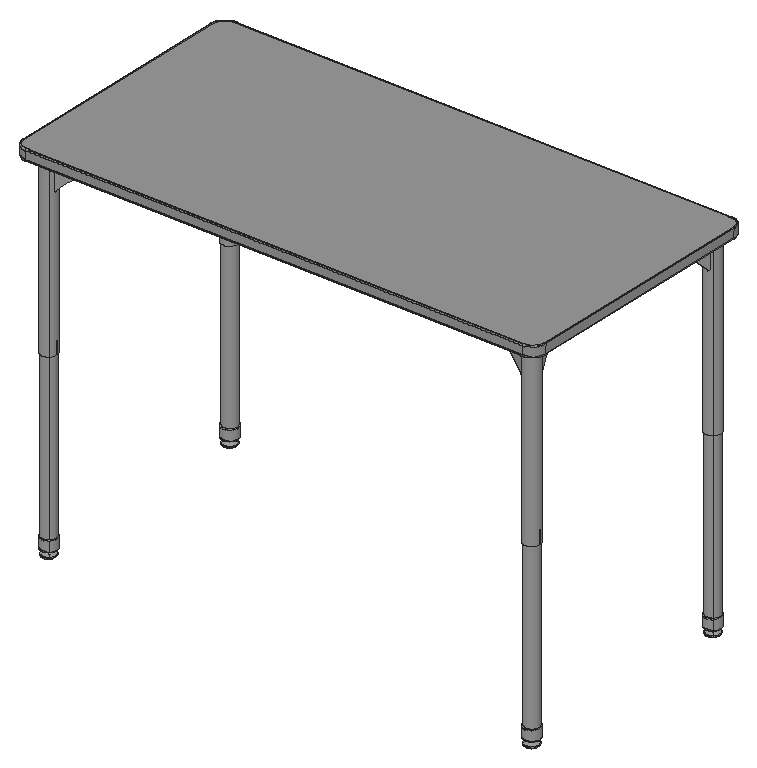
Revit family "Hierarchy Activity 60x30 Rectangle Table - Standing Height", category Furniture, Revit 2018
Family settings
  Work Plane-Based = No
  Always vertical = Yes
  Cut with Voids When Loaded = No
  Shared = No
  Room Calculation Point = No
Parameters
  Table Height = 3' - 5"
  Surface = Hierarchy Activity 60x30 Rectangle Table Standing Surface
  Leg Finish = Hierarchy Leg Platinum
  Edgeband = Hierarchy Activity 60x30 Rectangle Table Standing Edgeband
  Caster/Glider = Hierarchy Standing Leg - Glide : Hierarchy Standing Leg - Glide
Reference planes (in)
  plane 1 "Center (Front/Back)": y = 0
  plane 2: z = 0
  plane 3 "Center (Left/Right)": x = 0
  plane 4: z = 41
Dimensions and locks (in)
  "Table Height": plane 4 to level
  aligned and locked: plane 2 to level
  aligned and locked: nested 1 to plane 4
Nested families (in)
  nested 1: "Activity 60x30 Tabletop" at (0, 0, 17.075), type "Activity 60x30 Tabletop"
  nested 2: "Hierarchy Standing Leg - Glide" at (-27.5, 13, 0) x (0.7071, 0.7071, 0) z (0, 0, 1), type <- "Caster/Glider", Leg Finish <- "Leg Finish", Leg Height <- "Table Height", type "Hierarchy Standing Leg - Glide"
  nested 3: "Hierarchy Standing Leg - Glide" at (-27.5, -13, 0) x (-0.7071, 0.7071, 0) z (0, 0, 1), type <- "Caster/Glider", Leg Finish <- "Leg Finish", Leg Height <- "Table Height", type "Hierarchy Standing Leg - Glide"
  nested 4: "Hierarchy Standing Leg - Glide" at (27.95, -13, 0) x (-0.7071, -0.7071, 0) z (0, 0, 1), Leg Finish <- "Leg Finish", Leg Height <- "Table Height", type "Hierarchy Standing Leg - Glide"
  nested 5: "Hierarchy Standing Leg - Glide" at (27.95, 13, 0) x (0.7071, -0.7071, 0) z (0, 0, 1), Leg Finish <- "Leg Finish", Leg Height <- "Table Height", type "Hierarchy Standing Leg - Glide"
Definition of nested family "Activity 60x30 Tabletop"
  Parameters (values of type "Activity 60x30 Tabletop")
    Surface = none
    Edgeband = none
  Reference planes (in)
    plane 1 "Center (Front/Back)": y = 0
    plane 2: z = 0
    plane 3 "Center (Left/Right)": x = 0
  Forms (in)
    Extrusion 1, solid, material <- "Surface"
      sketch origin (0, -3, 0) x (1, 0, 0) y (0, 1, 0)
        loop
          line (28.5, 17.88189) -> (-28.5, 17.88189)
          arc (-28.5, 17.88189) -> (-29.47714, 17.47714) -> (-29.88189, 16.5) r 1.38189
          line (-29.88189, 16.5) -> (-29.88189, -10.5)
          arc (-29.88189, -10.5) -> (-29.47714, -11.47714) -> (-28.5, -11.88189) r 1.38189
          line (-28.5, -11.88189) -> (28.5, -11.88189)
          arc (28.5, -11.88189) -> (29.47714, -11.47714) -> (29.88189, -10.5) r 1.38189
          line (29.88189, -10.5) -> (29.88189, 16.5)
          arc (29.88189, 16.5) -> (29.47714, 17.47714) -> (28.5, 17.88189) r 1.38189
      from 23.925 to 25.125
    Sweep 2, solid, material <- "Edgeband"
      path origin (0, -3, 0) x (1, 0, 0) y (0, 1, 0)
        loop
          line (28.5, 17.88189) -> (-28.5, 17.88189)
          arc (-28.5, 17.88189) -> (-29.47714, 17.47714) -> (-29.88189, 16.5) r 1.38189
          line (-29.88189, 16.5) -> (-29.88189, -10.5)
          arc (-29.88189, -10.5) -> (-29.47714, -11.47714) -> (-28.5, -11.88189) r 1.38189
          line (-28.5, -11.88189) -> (28.5, -11.88189)
          arc (28.5, -11.88189) -> (29.47714, -11.47714) -> (29.88189, -10.5) r 1.38189
          line (29.88189, -10.5) -> (29.88189, 16.5)
          arc (29.88189, 16.5) -> (29.47714, 17.47714) -> (28.5, 17.88189) r 1.38189
      profile origin (0, 14.88189, 0) x (0, -1, 0) y (0, 0, 1)
        loop
          arc (0, 25.125) -> (-0.08352, 25.09041) -> (-0.11811, 25.00689) r 0.11811
          line (-0.11811, 25.00689) -> (-0.11811, 24.04311)
          arc (-0.11811, 24.04311) -> (-0.08352, 23.95959) -> (0, 23.925) r 0.11811
          line (0, 23.925) -> (0, 25.125)
  Dimensions and locks (in)
    aligned and locked: plane 2 to level
Definition of nested family "Hierarchy Standing Leg - Glide"
  Parameters (values of type "Hierarchy Standing Leg - Glide")
    Leg Finish [instance] = none
    Leg Height [instance] = 3' - 5"
  Reference planes (in)
    plane 1 "Center (Front/Back)": y = 0
    plane 2: z = 0
    plane 3 "Center (Left/Right)": x = 0
  Forms (in)
    Extrusion 1, solid
      sketch origin (-0.01562, 0, 0) x (1, 0, 0) y (0, 1, 0)
        loop
          circle (0.01563, 0) r 0.79147
      from 2 to 23.175
    Revolve 2, solid
      sketch origin (0, 0, 0) x (1, 0, 0) y (0, 0, 1)
        loop
          line (0, 2) -> (0, 0.74937) -> (0.84838, 0.74937)
          arc (0.84838, 0.74937) -> (0.89342, 0.76803) -> (0.91207, 0.81306) r 0.06369
          line (0.91207, 0.81306) -> (0.91207, 1.93631)
          arc (0.91207, 1.93631) -> (0.89342, 1.98134) -> (0.84838, 2) r 0.06369
          line (0.84838, 2) -> (0, 2)
        axis (0, 2) -> (0, 0.74937)
      angle from 0 to 360
    Revolve 3, solid
      sketch origin (0, 0, 0) x (1, 0, 0) y (0, 0, 1)
        loop
          line (0, 0.75) -> (0, 0) -> (0.74583, 0) -> (0.79147, 0.09013) -> (0.79147, 0.16241) -> (0.12474, 0.5) -> (0.12474, 0.75) -> (0, 0.75)
        axis (0, 0.75) -> (0, 0)
      angle from 0 to 360
  Dimensions and locks (in)
    "Leg Height": nested 1 to level
    aligned and locked: plane 2 to level
  Automatic sketch dimensions
    plane 1 "Center (Front/Back)" to Extrusion 1 sketch curve = 0' - 0"
    Extrusion 1 sketch curve to plane 3 "Center (Left/Right)" = 0' - 0"
    Revolve 2 sketch curve to plane 3 "Center (Left/Right)" = 0' - 0"  (x2)
    plane 3 "Center (Left/Right)" to Revolve 2 sketch curve = 0' - 0.84838"
    Revolve 2 sketch curve to Revolve 2 sketch curve = 0' - 0.84838"
    Revolve 2 sketch curve to Revolve 2 sketch curve = 0' - 0.06369"
    level to Revolve 2 sketch curve = 0' - 0.74937"
    Revolve 2 sketch curve to Revolve 2 sketch curve = 0' - 1.12324"
    Revolve 2 sketch curve to Revolve 2 sketch curve = 0' - 0.13731"
    Revolve 2 sketch curve to Revolve 2 sketch curve = 0' - 0 3/4"
    Revolve 3 sketch curve to plane 3 "Center (Left/Right)" = 0' - 0"  (x2)
    Revolve 3 sketch curve to level = 0' - 0"
    plane 3 "Center (Left/Right)" to Revolve 3 sketch curve = 0' - 0.12474"
    plane 3 "Center (Left/Right)" to Revolve 3 sketch curve = 0' - 0.74583"
    Revolve 3 sketch curve to Revolve 3 sketch curve = 0' - 0.04564"
    level to Revolve 3 sketch curve = 0' - 0.09013"
    Revolve 3 sketch curve to Revolve 3 sketch curve = 0' - 0.07228"
    level to Revolve 3 sketch curve = 0' - 0 1/2"
    Revolve 3 sketch curve to Revolve 3 sketch curve = 0' - 0 1/4"
    Revolve 3 sketch curve to level = 0' - 0 1/8"
    Revolve 3 sketch curve to Revolve 3 sketch curve = 0' - 0 1/8"
    radius of Extrusion 1 sketch curve = 0' - 0.79147"
  Nested families (in)
    nested 1: "Hierarchy Standing Upper Leg 2023" at (0, 0, 0.19983), Leg Finish <- "Leg Finish", type "Hierarchy Standing Upper Leg 2023"
      with Leg Finish none
  Definition of nested family "Hierarchy Standing Upper Leg 2023"
    Parameters (values of type "Hierarchy Standing Upper Leg 2023")
      Leg Finish [instance] = none
    Reference planes (in)
      plane 1 "Center (Front/Back)": y = 0
      plane 2: z = 0
      plane 3 "Center (Left/Right)": x = 0
    Forms (in)
      Extrusion 1, solid, material <- "Leg Finish"
        sketch origin (0, 0, 0) x (1, 0, 0) y (0, 1, 0)
          loop
            circle (0, 0) r 0.9129
        from 20.67418 to 40.67418
      Extrusion 2, solid, material <- "Leg Finish"
        sketch origin (0, 0, 12.998) x (1, 0, 0) y (0, 1, 0)
          loop
            line (-1.70174, 0.19183) -> (-3.96611, -4.49738)
            arc (-3.96611, -4.49738) -> (-3.91977, -5.33444) -> (-3.18615, -5.74016) r 0.86614
            line (-3.18615, -5.74016) -> (3.18615, -5.74016)
            arc (3.18615, -5.74016) -> (3.91977, -5.33444) -> (3.96611, -4.49738) r 0.86614
            line (3.96611, -4.49738) -> (1.70174, 0.19183)
            arc (1.70174, 0.19183) -> (0, 1.25984) -> (-1.70174, 0.19183) r 1.88976
        from 27.67618 to 27.80217
      Extrusion 3, solid, material <- "Leg Finish"
        sketch origin (12.41967, 1.58692, 0) x (0.434844, 0.900506, 0) y (0, 0, 1)
          loop
            arc (-12.68776, 40.67418) -> (-12.80559, 40.56418) -> (-12.70394, 40.43908) r 0.11811
            arc (-12.70394, 40.43908) -> (-9.98192, 39.53509) -> (-7.76426, 37.71614) r 7.87402
            arc (-7.76426, 37.71614) -> (-7.63344, 37.68136) -> (-7.55587, 37.79229) r 0.11811
            line (-7.55587, 37.79229) -> (-7.55587, 40.67418) -> (-12.68776, 40.67418)
        from -11.10976 to -10.98378
      Extrusion 4, solid, material <- "Leg Finish"
        sketch origin (-12.41967, 1.58692, 0) x (-0.434844, 0.900506, 0) y (0, 0, -1)
          loop
            line (-12.68776, -40.67418) -> (-7.55587, -40.67418) -> (-7.55587, -37.79229)
            arc (-7.55587, -37.79229) -> (-7.63344, -37.68136) -> (-7.76426, -37.71614) r 0.11811
            arc (-7.76426, -37.71614) -> (-9.98192, -39.53509) -> (-12.70394, -40.43908) r 7.87402
            arc (-12.70394, -40.43908) -> (-12.80559, -40.56418) -> (-12.68776, -40.67418) r 0.11811
        from -11.10976 to -10.98378
    Dimensions and locks (in)
      aligned and locked: plane 2 to level
